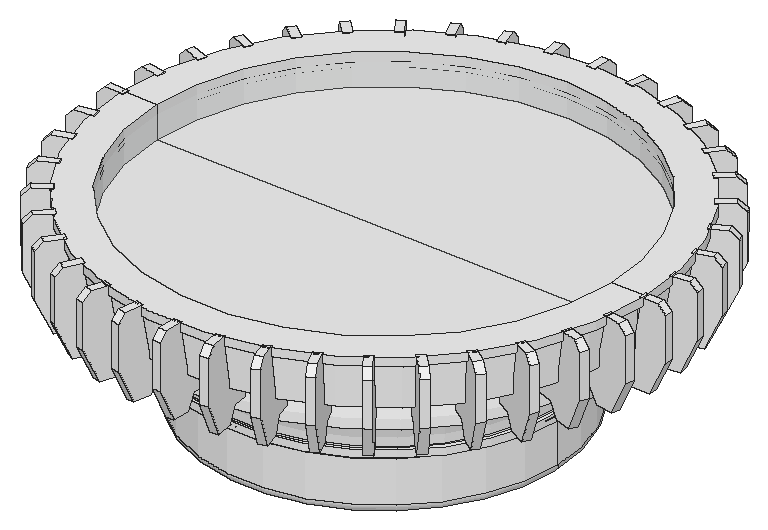
Revit family "HBLHA", category Lighting Fixtures, host Face, Revit 2014
Parameters
  Wattage Comments = "57 Watts, 24 LEDs"
  Wattage = 112 W
  Watt = 57 W
  Warranty = "5 Year Warranty"
  built-in parameter 1150110 = 1 (stored number, unit not read)
  Voltage = 120 V
  URL = "http://www.hubbellindustrial.com/"
  built-in parameter 1114217 = 1 (stored number, unit not read)
  Tilt Angle = -90.00°
  built-in parameter 1150109 = 1 (stored number, unit not read)
  built-in parameter 1150134 = 2
  built-in parameter 1150113 = 1 (stored number, unit not read)
  Product Page URL = "https://www.hubbell.com/hubbellindustriallighting/en/Products/Lighting-Controls/Industrial-Lighting/Surface/HBLHA/p/248883"
  Product Documentation Link = "https://hubbellcdn.com/specsheet/hil_hblha_spec.pdf"
  Power Factor = 1
  Photometric Web Link = "https://www.hubbell.com/hubbellindustriallighting/en/Products/Lighting-Controls/Industrial-Lighting/Surface/HBLHA/p/248883#prod-photometry-section"
  Photometric Web File = "HBL-48LU-5K-A-070.ies"
  Optics = "Narrow"
  Mounting Type = "Pendant, Stanchion, Ceiling, Wall, Cone"  # constant formula
  Model = "HBLHA"  # constant formula
  Material Finish = Paint - Hubbell - White Texture
  Manufacturer = "Hubbell Industrial Lighting"  # constant formula
  built-in parameter 1150105 = 811.05 (stored number, unit not read)
  Lumens = 10192 lm
  built-in parameter 1150115 = 1 (stored number, unit not read)
  Load Classification = Lighting
  built-in parameter 1150137 = (empty or 0)
  built-in parameter 1150139 = (empty or 0)
  built-in parameter 1150112 = 1 (stored number, unit not read)
  built-in parameter 1150114 = 1 (stored number, unit not read)
  Lamp = "LED"
  built-in parameter 1150132 = (empty or 0)
  built-in parameter 1150102 = (empty or 0)
  built-in parameter 1150107 = 5000 (stored number, unit not read)
  built-in parameter 1150138 = (empty or 0)
  built-in parameter 1150106 = 8.1105 (stored number, unit not read)
  IP Rating = "IP66"  # constant formula
  Glass = Hubbell - Glass
  Features = "High performance LED design delivering up to 100 Lumens per Watt\r\nSpecialized thermal management allows from -40˚C to 65˚C ambient temperature ratings\r\nLED count ranges from 72 to 60 to 48 and all three LED counts are driven at 700 mA\r\nThree distinct distributions: aisle, narrow and wide\r\n5 available mounting options: Pendant, Ceiling, Wall, Stanchion, Cone\r\n100,000 hours, long life at L70\r\nSealed optic for long life and durability\r\n5000°K Color Temperature\r\n< 70 CRI\r\nCSA tested to UL1598 Wet Location"  # constant formula
  Fastners = Paint - Hubbell - Light Silver
  Environmental Conditions = "Damp Location, Wet Location, Outdoor"  # constant formula
  Emit from Circle Diameter = 11.000"
  Emit Shape Visible in Rendering = no
  built-in parameter 1150104 = 8.4542 (stored number, unit not read)
  Dimming Protocol = "0-10V"
  Dimming Lamp Color Temperature Shift = <None>
  Description = "The HBLH Series Hazardous LED Flood Light is designed to efficiently light classified areas in heavy industrial settings."  # constant formula
  Default Elevation = 48.000"
  Contact us = "https://www.hubbell.com/hubbellindustriallighting/en/contactUs?productId=248882"
  Color Filter = 16777215
  Certification = "UL1598A,Damp Listed,UL Sanitation certified per NSF standards,Wet Listed,NEMA 3,Class I Division 2,CSA,IP66"  # constant formula
  built-in parameter 1114218 = 1 (stored number, unit not read)
  built-in parameter 1150133 = 10 (stored number, unit not read)
  Application = "Industrial, Warehouse, Refineries, Stell Mills, Chemical Plants"  # constant formula
  Apparent Load = Watt / Power Factor  # 57 VA
Reference planes (in)
  plane 1 "Center (Front/Back)": y = 0
  plane 2: z = 0
  plane 3 "Center (Left/Right)": x = 0
  plane 4: z = 8
  plane 5: x = -7
  plane 6: x = 7
  plane 7: y = 1
  plane 8: y = -1
  plane 9: x = -5.5
  plane 10: x = 5.5
  plane 11: z = 13
Dimensions and locks (in)
  plane 4 to plane 2 = 8.000"
  equal spacing: plane 7, plane 1 "Center (Front/Back)", plane 8
  locked: plane 7 to plane 8 at 2
  equal spacing: plane 6, plane 3 "Center (Left/Right)", plane 5, locked at 7 each
  plane 6 to plane 5 = 14.000"
  plane 10 to plane 9 = 11.000"
  aligned and locked: plane 2 to host face
  aligned and locked: level to host face
  aligned and locked: nested 1 to plane 3 "Center (Left/Right)"
  aligned and locked: nested 1 to plane 1 "Center (Front/Back)"
  aligned and locked: plane 3 "Center (Left/Right)" to imposter light
  aligned and locked: imposter light to plane 1 "Center (Front/Back)"
Automatic sketch dimensions
  host sketch curve to host sketch curve = 96.000"  (x2)
Nested families (in)
  nested 1: "KHL" at (0, 0, 7.25) x (-1, 0, 0) z (0, 0, 1), type "KHL"
Connectors (in)
  electrical at (0, 0, 7.25), driven by "Load Classification", driven by "Voltage", driven by "Apparent Load", driven by "Power Factor"
    settings: on nested 1, index 1, voltage 120 V, apparent load 57 VA, apparent load phase1 0 VA, apparent load phase2 0 VA, apparent load phase3 0 VA, power factor 1, load classification "Lighting", number of poles 1, system type 30, power factor state 1, is connector primary yes, connector utility no, sub classification motor no, connector description "Lighting Connector"
Definition of nested family "KHL"
  Parameters (values of type "KHL")
    Wattage Comments = ""
    URL = ""
    Model = ""
    Material Finish = Paint - Hubbell - White Texture
    Manufacturer = ""
    Lamp = ""
    IES FILE LINK = ""
    Glass = Hubbell - Glass
    Description = ""
    Default Elevation = 48.000"
    Apparent Load = 0 VA
  Reference planes (in)
    plane 1 "Center (Front/Back)": y = 0
    plane 2: z = 0
    plane 3 "Center (Left/Right)": x = 0
    plane 4: z = 6
    plane 5: x = -7.25
    plane 6: x = 7.25
    plane 7: x = -5.5
    plane 8: x = 5.5
    plane 9: x = -9
    plane 10: x = 9
    plane 11: y = -9
    plane 12: y = 9
    plane 13: x = -9
    plane 14: x = 9
    plane 15: through (-8.8892, 1.40791, -18.06561) normal (-0.9877, 0.1564, 0)
    plane 16: through (8.8892, -1.40791, -18.06561) normal (-0.9877, 0.1564, 0)
    plane 17: through (-8.55951, 2.78115, -18.06561) normal (-0.9511, 0.309, 0)
    plane 18: through (8.55951, -2.78115, -18.06561) normal (-0.9511, 0.309, 0)
    plane 19: through (-8.01906, 4.08591, -18.06561) normal (-0.891, 0.454, 0)
    plane 20: through (8.01906, -4.08591, -18.06561) normal (-0.891, 0.454, 0)
    plane 21: through (-7.28115, 5.29007, -18.06561) normal (-0.809, 0.5878, 0)
    plane 22: through (7.28115, -5.29007, -18.06561) normal (-0.809, 0.5878, 0)
    plane 23: through (-6.36396, 6.36396, -18.06561) normal (-0.7071, 0.7071, 0)
    plane 24: through (6.36396, -6.36396, -18.06561) normal (-0.7071, 0.7071, 0)
    plane 25: through (-5.29007, 7.28115, -18.06561) normal (-0.5878, 0.809, 0)
    plane 26: through (5.29007, -7.28115, -18.06561) normal (-0.5878, 0.809, 0)
    plane 27: through (-4.08591, 8.01906, -18.06561) normal (-0.454, 0.891, 0)
    plane 28: through (4.08591, -8.01906, -18.06561) normal (-0.454, 0.891, 0)
    plane 29: through (-2.78115, 8.55951, -18.06561) normal (-0.309, 0.9511, 0)
    plane 30: through (2.78115, -8.55951, -18.06561) normal (-0.309, 0.9511, 0)
    plane 31: through (-1.40791, 8.8892, -18.06561) normal (-0.1564, 0.9877, 0)
    plane 32: through (1.40791, -8.8892, -18.06561) normal (-0.1564, 0.9877, 0)
    plane 33: y = 9
    plane 34: y = -9
    plane 35: through (1.40791, 8.8892, -18.06561) normal (0.1564, 0.9877, 0)
    plane 36: through (-1.40791, -8.8892, -18.06561) normal (0.1564, 0.9877, 0)
    plane 37: through (2.78115, 8.55951, -18.06561) normal (0.309, 0.9511, 0)
    plane 38: through (-2.78115, -8.55951, -18.06561) normal (0.309, 0.9511, 0)
    plane 39: through (4.08591, 8.01906, -18.06561) normal (0.454, 0.891, 0)
    plane 40: through (-4.08591, -8.01906, -18.06561) normal (0.454, 0.891, 0)
    plane 41: through (5.29007, 7.28115, -18.06561) normal (0.5878, 0.809, 0)
    plane 42: through (-5.29007, -7.28115, -18.06561) normal (0.5878, 0.809, 0)
    plane 43: through (6.36396, 6.36396, -18.06561) normal (0.7071, 0.7071, 0)
    plane 44: through (-6.36396, -6.36396, -18.06561) normal (0.7071, 0.7071, 0)
    plane 45: through (7.28115, 5.29007, -18.06561) normal (0.809, 0.5878, 0)
    plane 46: through (-7.28115, -5.29007, -18.06561) normal (0.809, 0.5878, 0)
    plane 47: through (8.01906, 4.08591, -18.06561) normal (0.891, 0.454, 0)
    plane 48: through (-8.01906, -4.08591, -18.06561) normal (0.891, 0.454, 0)
    plane 49: through (8.55951, 2.78115, -18.06561) normal (0.9511, 0.309, 0)
    plane 50: through (-8.55951, -2.78115, -18.06561) normal (0.9511, 0.309, 0)
    plane 51: through (8.8892, 1.40791, -18.06561) normal (0.9877, 0.1564, 0)
    plane 52: through (-8.8892, -1.40791, -18.06561) normal (0.9877, 0.1564, 0)
    plane 53: x = 9
    plane 54: x = -9
    plane 55: through (8.8892, -1.40791, -18.06561) normal (0.9877, -0.1564, 0)
    plane 56: through (-8.8892, 1.40791, -18.06561) normal (0.9877, -0.1564, 0)
    plane 57: through (8.55951, -2.78115, -18.06561) normal (0.9511, -0.309, 0)
    plane 58: through (-8.55951, 2.78115, -18.06561) normal (0.9511, -0.309, 0)
    plane 59: through (8.01906, -4.08591, -18.06561) normal (0.891, -0.454, 0)
    plane 60: through (-8.01906, 4.08591, -18.06561) normal (0.891, -0.454, 0)
    plane 61: through (7.28115, -5.29007, -18.06561) normal (0.809, -0.5878, 0)
    plane 62: through (-7.28115, 5.29007, -18.06561) normal (0.809, -0.5878, 0)
    plane 63: through (6.36396, -6.36396, -18.06561) normal (0.7071, -0.7071, 0)
    plane 64: through (-6.36396, 6.36396, -18.06561) normal (0.7071, -0.7071, 0)
    plane 65: through (5.29007, -7.28115, -18.06561) normal (0.5878, -0.809, 0)
    plane 66: through (-5.29007, 7.28115, -18.06561) normal (0.5878, -0.809, 0)
    plane 67: through (4.08591, -8.01906, -18.06561) normal (0.454, -0.891, 0)
    plane 68: through (-4.08591, 8.01906, -18.06561) normal (0.454, -0.891, 0)
    plane 69: through (2.78115, -8.55951, -18.06561) normal (0.309, -0.9511, 0)
    plane 70: through (-2.78115, 8.55951, -18.06561) normal (0.309, -0.9511, 0)
    plane 71: through (1.40791, -8.8892, -18.06561) normal (0.1564, -0.9877, 0)
    plane 72: through (-1.40791, 8.8892, -18.06561) normal (0.1564, -0.9877, 0)
    plane 73: through (-1.40791, -8.8892, -18.06561) normal (-0.1564, -0.9877, 0)
    plane 74: through (1.40791, 8.8892, -18.06561) normal (-0.1564, -0.9877, 0)
    plane 75: through (-2.78115, -8.55951, -18.06561) normal (-0.309, -0.9511, 0)
    plane 76: through (2.78115, 8.55951, -18.06561) normal (-0.309, -0.9511, 0)
    plane 77: through (-4.08591, -8.01906, -18.06561) normal (-0.454, -0.891, 0)
    plane 78: through (4.08591, 8.01906, -18.06561) normal (-0.454, -0.891, 0)
    plane 79: through (-5.29007, -7.28115, -18.06561) normal (-0.5878, -0.809, 0)
    plane 80: through (5.29007, 7.28115, -18.06561) normal (-0.5878, -0.809, 0)
    plane 81: through (-6.36396, -6.36396, -18.06561) normal (-0.7071, -0.7071, 0)
    plane 82: through (6.36396, 6.36396, -18.06561) normal (-0.7071, -0.7071, 0)
    plane 83: through (-7.28115, -5.29007, -18.06561) normal (-0.809, -0.5878, 0)
    plane 84: through (7.28115, 5.29007, -18.06561) normal (-0.809, -0.5878, 0)
    plane 85: through (-8.01906, -4.08591, -18.06561) normal (-0.891, -0.454, 0)
    plane 86: through (8.01906, 4.08591, -18.06561) normal (-0.891, -0.454, 0)
    plane 87: through (-8.55951, -2.78115, -18.06561) normal (-0.9511, -0.309, 0)
    plane 88: through (8.55951, 2.78115, -18.06561) normal (-0.9511, -0.309, 0)
    plane 89: through (-8.8892, -1.40791, -18.06561) normal (-0.9877, -0.1564, 0)
    plane 90: through (8.8892, 1.40791, -18.06561) normal (-0.9877, -0.1564, 0)
  Forms (in)
    Extrusion 1, solid
      sketch origin (0, 0, 0) x (1, 0, 0) y (0, 1, 0)
        loop
          line (-48, 48) -> (-48, -48) -> (48, -48) -> (48, 48) -> (-48, 48)
      from 0 to -12
    Revolve 2, solid, material "Paint - Hubbell - White Texture" <- "Material Finish"
      sketch origin (0, 0, 0) x (1, 0, 0) y (0, 0, 1)
        loop
          line (5.5, 0.25) -> (5.5, 1.56868)
          arc (5.5, 1.56868) -> (5.55311, 1.69689) -> (5.68132, 1.75) r 0.18132
          line (5.68132, 1.75) -> (5.79677, 1.75) -> (5.79677, 1.97746) -> (5.6875, 1.97746) -> (5.6875, 2.0276)
          arc (5.6875, 2.0276) -> (6.08214, 2.98036) -> (7.0349, 3.375) r 1.3474
          line (7.0349, 3.375) -> (7.23385, 3.375)
          arc (7.23385, 3.375) -> (7.12959, 3.90778) -> (6.83219, 4.36196) r 1.4134
          line (6.83219, 4.36196) -> (6.83219, 4.43504) -> (8.03125, 4.43504) -> (8.03125, 5.74507) -> (8.28125, 5.74507) -> (8.28125, 6) -> (7.20302, 6) -> (7.20302, 5) -> (0, 5) -> (0, 0) -> (5.25, 0)
          arc (5.25, 0) -> (5.42678, 0.07322) -> (5.5, 0.25) r 0.25
        axis (0, 6) -> (0, 0)
      angle from 0 to 360
    Extrusion 3, solid, material "Hubbell - Glass" <- "Glass"
      sketch origin (0, 0, 0) x (1, 0, 0) y (0, 1, 0)
        loop
          circle (0, 0) r 7.20302
      from 5.71977 to 5.56262
    Extrusion 4, solid, material "Paint - Hubbell - White Texture" <- "Material Finish"
      sketch origin (1.75, 0, 0) x (1, 0, 0) y (0, 0, 1)
        loop
          line (6.42821, 6) -> (6.42821, 5.59247) -> (6.23107, 4.59805) -> (5.43029, 4.59805) -> (5.43029, 3.78903) -> (5.9375, 3.78903) -> (6.1875, 3.35602) -> (6.75, 3.35602) -> (7.25, 4.38117) -> (7.25, 5.75) -> (7, 6) -> (6.42821, 6)
      from 0.125 to -0.125
    Extrusion 5, solid, material "Paint - Hubbell - White Texture" <- "Material Finish"
      sketch origin (1.72845, -0.27376, 0) x (0.987688, -0.156434, 0) y (0, 0, 1)
        loop
          line (6.42821, 6) -> (6.42821, 5.59247) -> (6.23107, 4.59805) -> (5.43029, 4.59805) -> (5.43029, 3.78903) -> (5.9375, 3.78903) -> (6.1875, 3.35602) -> (6.75, 3.35602) -> (7.25, 4.38117) -> (7.25, 5.75) -> (7, 6) -> (6.42821, 6)
      from 0.125 to -0.125
    Extrusion 6, solid, material "Paint - Hubbell - White Texture" <- "Material Finish"
      sketch origin (1.66435, -0.54078, 0) x (0.951057, -0.309017, 0) y (0, 0, 1)
        loop
          line (6.42821, 6) -> (6.42821, 5.59247) -> (6.23107, 4.59805) -> (5.43029, 4.59805) -> (5.43029, 3.78903) -> (5.9375, 3.78903) -> (6.1875, 3.35602) -> (6.75, 3.35602) -> (7.25, 4.38117) -> (7.25, 5.75) -> (7, 6) -> (6.42821, 6)
      from 0.125 to -0.125
    Extrusion 7, solid, material "Paint - Hubbell - White Texture" <- "Material Finish"
      sketch origin (1.55926, -0.79448, 0) x (0.891007, -0.45399, 0) y (0, 0, 1)
        loop
          line (6.42821, 6) -> (6.42821, 5.59247) -> (6.23107, 4.59805) -> (5.43029, 4.59805) -> (5.43029, 3.78903) -> (5.9375, 3.78903) -> (6.1875, 3.35602) -> (6.75, 3.35602) -> (7.25, 4.38117) -> (7.25, 5.75) -> (7, 6) -> (6.42821, 6)
      from 0.125 to -0.125
    Extrusion 8, solid, material "Paint - Hubbell - White Texture" <- "Material Finish"
      sketch origin (1.41578, -1.02862, 0) x (0.809017, -0.587785, 0) y (0, 0, 1)
        loop
          line (6.42821, 6) -> (6.42821, 5.59247) -> (6.23107, 4.59805) -> (5.43029, 4.59805) -> (5.43029, 3.78903) -> (5.9375, 3.78903) -> (6.1875, 3.35602) -> (6.75, 3.35602) -> (7.25, 4.38117) -> (7.25, 5.75) -> (7, 6) -> (6.42821, 6)
      from 0.125 to -0.125
    Extrusion 9, solid, material "Paint - Hubbell - White Texture" <- "Material Finish"
      sketch origin (1.23744, -1.23744, 0) x (0.707107, -0.707107, 0) y (0, 0, 1)
        loop
          line (6.42821, 6) -> (6.42821, 5.59247) -> (6.23107, 4.59805) -> (5.43029, 4.59805) -> (5.43029, 3.78903) -> (5.9375, 3.78903) -> (6.1875, 3.35602) -> (6.75, 3.35602) -> (7.25, 4.38117) -> (7.25, 5.75) -> (7, 6) -> (6.42821, 6)
      from 0.125 to -0.125
    Extrusion 10, solid, material "Paint - Hubbell - White Texture" <- "Material Finish"
      sketch origin (1.02862, -1.41578, 0) x (0.587785, -0.809017, 0) y (0, 0, 1)
        loop
          line (6.42821, 6) -> (6.42821, 5.59247) -> (6.23107, 4.59805) -> (5.43029, 4.59805) -> (5.43029, 3.78903) -> (5.9375, 3.78903) -> (6.1875, 3.35602) -> (6.75, 3.35602) -> (7.25, 4.38117) -> (7.25, 5.75) -> (7, 6) -> (6.42821, 6)
      from 0.125 to -0.125
    Extrusion 11, solid, material "Paint - Hubbell - White Texture" <- "Material Finish"
      sketch origin (0.79448, -1.55926, 0) x (0.45399, -0.891007, 0) y (0, 0, 1)
        loop
          line (6.42821, 6) -> (6.42821, 5.59247) -> (6.23107, 4.59805) -> (5.43029, 4.59805) -> (5.43029, 3.78903) -> (5.9375, 3.78903) -> (6.1875, 3.35602) -> (6.75, 3.35602) -> (7.25, 4.38117) -> (7.25, 5.75) -> (7, 6) -> (6.42821, 6)
      from 0.125 to -0.125
    Extrusion 12, solid, material "Paint - Hubbell - White Texture" <- "Material Finish"
      sketch origin (0.54078, -1.66435, 0) x (0.309017, -0.951057, 0) y (0, 0, 1)
        loop
          line (6.42821, 6) -> (6.42821, 5.59247) -> (6.23107, 4.59805) -> (5.43029, 4.59805) -> (5.43029, 3.78903) -> (5.9375, 3.78903) -> (6.1875, 3.35602) -> (6.75, 3.35602) -> (7.25, 4.38117) -> (7.25, 5.75) -> (7, 6) -> (6.42821, 6)
      from 0.125 to -0.125
    Extrusion 13, solid, material "Paint - Hubbell - White Texture" <- "Material Finish"
      sketch origin (0.27376, -1.72845, 0) x (0.156434, -0.987688, 0) y (0, 0, 1)
        loop
          line (6.42821, 6) -> (6.42821, 5.59247) -> (6.23107, 4.59805) -> (5.43029, 4.59805) -> (5.43029, 3.78903) -> (5.9375, 3.78903) -> (6.1875, 3.35602) -> (6.75, 3.35602) -> (7.25, 4.38117) -> (7.25, 5.75) -> (7, 6) -> (6.42821, 6)
      from 0.125 to -0.125
    Extrusion 14, solid, material "Paint - Hubbell - White Texture" <- "Material Finish"
      sketch origin (0, -1.75, 0) x (0, -1, 0) y (0, 0, 1)
        loop
          line (6.42821, 6) -> (6.42821, 5.59247) -> (6.23107, 4.59805) -> (5.43029, 4.59805) -> (5.43029, 3.78903) -> (5.9375, 3.78903) -> (6.1875, 3.35602) -> (6.75, 3.35602) -> (7.25, 4.38117) -> (7.25, 5.75) -> (7, 6) -> (6.42821, 6)
      from 0.125 to -0.125
    Extrusion 15, solid, material "Paint - Hubbell - White Texture" <- "Material Finish"
      sketch origin (-0.27376, -1.72845, 0) x (-0.156434, -0.987688, 0) y (0, 0, 1)
        loop
          line (6.42821, 6) -> (6.42821, 5.59247) -> (6.23107, 4.59805) -> (5.43029, 4.59805) -> (5.43029, 3.78903) -> (5.9375, 3.78903) -> (6.1875, 3.35602) -> (6.75, 3.35602) -> (7.25, 4.38117) -> (7.25, 5.75) -> (7, 6) -> (6.42821, 6)
      from 0.125 to -0.125
    Extrusion 16, solid, material "Paint - Hubbell - White Texture" <- "Material Finish"
      sketch origin (-0.54078, -1.66435, 0) x (-0.309017, -0.951057, 0) y (0, 0, 1)
        loop
          line (6.42821, 6) -> (6.42821, 5.59247) -> (6.23107, 4.59805) -> (5.43029, 4.59805) -> (5.43029, 3.78903) -> (5.9375, 3.78903) -> (6.1875, 3.35602) -> (6.75, 3.35602) -> (7.25, 4.38117) -> (7.25, 5.75) -> (7, 6) -> (6.42821, 6)
      from 0.125 to -0.125
    Extrusion 17, solid, material "Paint - Hubbell - White Texture" <- "Material Finish"
      sketch origin (-0.79448, -1.55926, 0) x (-0.45399, -0.891007, 0) y (0, 0, 1)
        loop
          line (6.42821, 6) -> (6.42821, 5.59247) -> (6.23107, 4.59805) -> (5.43029, 4.59805) -> (5.43029, 3.78903) -> (5.9375, 3.78903) -> (6.1875, 3.35602) -> (6.75, 3.35602) -> (7.25, 4.38117) -> (7.25, 5.75) -> (7, 6) -> (6.42821, 6)
      from 0.125 to -0.125
    Extrusion 18, solid, material "Paint - Hubbell - White Texture" <- "Material Finish"
      sketch origin (-1.02862, -1.41578, 0) x (-0.587785, -0.809017, 0) y (0, 0, 1)
        loop
          line (6.42821, 6) -> (6.42821, 5.59247) -> (6.23107, 4.59805) -> (5.43029, 4.59805) -> (5.43029, 3.78903) -> (5.9375, 3.78903) -> (6.1875, 3.35602) -> (6.75, 3.35602) -> (7.25, 4.38117) -> (7.25, 5.75) -> (7, 6) -> (6.42821, 6)
      from 0.125 to -0.125
    Extrusion 19, solid, material "Paint - Hubbell - White Texture" <- "Material Finish"
      sketch origin (-1.23744, -1.23744, 0) x (-0.707107, -0.707107, 0) y (0, 0, 1)
        loop
          line (6.42821, 6) -> (6.42821, 5.59247) -> (6.23107, 4.59805) -> (5.43029, 4.59805) -> (5.43029, 3.78903) -> (5.9375, 3.78903) -> (6.1875, 3.35602) -> (6.75, 3.35602) -> (7.25, 4.38117) -> (7.25, 5.75) -> (7, 6) -> (6.42821, 6)
      from 0.125 to -0.125
    Extrusion 20, solid, material "Paint - Hubbell - White Texture" <- "Material Finish"
      sketch origin (-1.41578, -1.02862, 0) x (-0.809017, -0.587785, 0) y (0, 0, 1)
        loop
          line (6.42821, 6) -> (6.42821, 5.59247) -> (6.23107, 4.59805) -> (5.43029, 4.59805) -> (5.43029, 3.78903) -> (5.9375, 3.78903) -> (6.1875, 3.35602) -> (6.75, 3.35602) -> (7.25, 4.38117) -> (7.25, 5.75) -> (7, 6) -> (6.42821, 6)
      from 0.125 to -0.125
    Extrusion 21, solid, material "Paint - Hubbell - White Texture" <- "Material Finish"
      sketch origin (-1.55926, -0.79448, 0) x (-0.891007, -0.45399, 0) y (0, 0, 1)
        loop
          line (6.42821, 6) -> (6.42821, 5.59247) -> (6.23107, 4.59805) -> (5.43029, 4.59805) -> (5.43029, 3.78903) -> (5.9375, 3.78903) -> (6.1875, 3.35602) -> (6.75, 3.35602) -> (7.25, 4.38117) -> (7.25, 5.75) -> (7, 6) -> (6.42821, 6)
      from 0.125 to -0.125
    Extrusion 22, solid, material "Paint - Hubbell - White Texture" <- "Material Finish"
      sketch origin (-1.66435, -0.54078, 0) x (-0.951057, -0.309017, 0) y (0, 0, 1)
        loop
          line (6.42821, 6) -> (6.42821, 5.59247) -> (6.23107, 4.59805) -> (5.43029, 4.59805) -> (5.43029, 3.78903) -> (5.9375, 3.78903) -> (6.1875, 3.35602) -> (6.75, 3.35602) -> (7.25, 4.38117) -> (7.25, 5.75) -> (7, 6) -> (6.42821, 6)
      from 0.125 to -0.125
    Extrusion 23, solid, material "Paint - Hubbell - White Texture" <- "Material Finish"
      sketch origin (-1.72845, -0.27376, 0) x (-0.987688, -0.156434, 0) y (0, 0, 1)
        loop
          line (6.42821, 6) -> (6.42821, 5.59247) -> (6.23107, 4.59805) -> (5.43029, 4.59805) -> (5.43029, 3.78903) -> (5.9375, 3.78903) -> (6.1875, 3.35602) -> (6.75, 3.35602) -> (7.25, 4.38117) -> (7.25, 5.75) -> (7, 6) -> (6.42821, 6)
      from 0.125 to -0.125
    Extrusion 24, solid, material "Paint - Hubbell - White Texture" <- "Material Finish"
      sketch origin (-1.75, 0, 0) x (-1, 0, 0) y (0, 0, 1)
        loop
          line (6.42821, 6) -> (6.42821, 5.59247) -> (6.23107, 4.59805) -> (5.43029, 4.59805) -> (5.43029, 3.78903) -> (5.9375, 3.78903) -> (6.1875, 3.35602) -> (6.75, 3.35602) -> (7.25, 4.38117) -> (7.25, 5.75) -> (7, 6) -> (6.42821, 6)
      from 0.125 to -0.125
    Extrusion 25, solid, material "Paint - Hubbell - White Texture" <- "Material Finish"
      sketch origin (-1.72845, 0.27376, 0) x (-0.987688, 0.156434, 0) y (0, 0, 1)
        loop
          line (6.42821, 6) -> (6.42821, 5.59247) -> (6.23107, 4.59805) -> (5.43029, 4.59805) -> (5.43029, 3.78903) -> (5.9375, 3.78903) -> (6.1875, 3.35602) -> (6.75, 3.35602) -> (7.25, 4.38117) -> (7.25, 5.75) -> (7, 6) -> (6.42821, 6)
      from 0.125 to -0.125
    Extrusion 26, solid, material "Paint - Hubbell - White Texture" <- "Material Finish"
      sketch origin (-1.66435, 0.54078, 0) x (-0.951057, 0.309017, 0) y (0, 0, 1)
        loop
          line (6.42821, 6) -> (6.42821, 5.59247) -> (6.23107, 4.59805) -> (5.43029, 4.59805) -> (5.43029, 3.78903) -> (5.9375, 3.78903) -> (6.1875, 3.35602) -> (6.75, 3.35602) -> (7.25, 4.38117) -> (7.25, 5.75) -> (7, 6) -> (6.42821, 6)
      from 0.125 to -0.125
    Extrusion 27, solid, material "Paint - Hubbell - White Texture" <- "Material Finish"
      sketch origin (-1.55926, 0.79448, 0) x (-0.891007, 0.45399, 0) y (0, 0, 1)
        loop
          line (6.42821, 6) -> (6.42821, 5.59247) -> (6.23107, 4.59805) -> (5.43029, 4.59805) -> (5.43029, 3.78903) -> (5.9375, 3.78903) -> (6.1875, 3.35602) -> (6.75, 3.35602) -> (7.25, 4.38117) -> (7.25, 5.75) -> (7, 6) -> (6.42821, 6)
      from 0.125 to -0.125
    Extrusion 28, solid, material "Paint - Hubbell - White Texture" <- "Material Finish"
      sketch origin (-1.41578, 1.02862, 0) x (-0.809017, 0.587785, 0) y (0, 0, 1)
        loop
          line (6.42821, 6) -> (6.42821, 5.59247) -> (6.23107, 4.59805) -> (5.43029, 4.59805) -> (5.43029, 3.78903) -> (5.9375, 3.78903) -> (6.1875, 3.35602) -> (6.75, 3.35602) -> (7.25, 4.38117) -> (7.25, 5.75) -> (7, 6) -> (6.42821, 6)
      from 0.125 to -0.125
    Extrusion 29, solid, material "Paint - Hubbell - White Texture" <- "Material Finish"
      sketch origin (-1.23744, 1.23744, 0) x (-0.707107, 0.707107, 0) y (0, 0, 1)
        loop
          line (6.42821, 6) -> (6.42821, 5.59247) -> (6.23107, 4.59805) -> (5.43029, 4.59805) -> (5.43029, 3.78903) -> (5.9375, 3.78903) -> (6.1875, 3.35602) -> (6.75, 3.35602) -> (7.25, 4.38117) -> (7.25, 5.75) -> (7, 6) -> (6.42821, 6)
      from 0.125 to -0.125
    Extrusion 30, solid, material "Paint - Hubbell - White Texture" <- "Material Finish"
      sketch origin (-1.02862, 1.41578, 0) x (-0.587785, 0.809017, 0) y (0, 0, 1)
        loop
          line (6.42821, 6) -> (6.42821, 5.59247) -> (6.23107, 4.59805) -> (5.43029, 4.59805) -> (5.43029, 3.78903) -> (5.9375, 3.78903) -> (6.1875, 3.35602) -> (6.75, 3.35602) -> (7.25, 4.38117) -> (7.25, 5.75) -> (7, 6) -> (6.42821, 6)
      from 0.125 to -0.125
    Extrusion 31, solid, material "Paint - Hubbell - White Texture" <- "Material Finish"
      sketch origin (-0.79448, 1.55926, 0) x (-0.45399, 0.891007, 0) y (0, 0, 1)
        loop
          line (6.42821, 6) -> (6.42821, 5.59247) -> (6.23107, 4.59805) -> (5.43029, 4.59805) -> (5.43029, 3.78903) -> (5.9375, 3.78903) -> (6.1875, 3.35602) -> (6.75, 3.35602) -> (7.25, 4.38117) -> (7.25, 5.75) -> (7, 6) -> (6.42821, 6)
      from 0.125 to -0.125
    Extrusion 32, solid, material "Paint - Hubbell - White Texture" <- "Material Finish"
      sketch origin (-0.54078, 1.66435, 0) x (-0.309017, 0.951057, 0) y (0, 0, 1)
        loop
          line (6.42821, 6) -> (6.42821, 5.59247) -> (6.23107, 4.59805) -> (5.43029, 4.59805) -> (5.43029, 3.78903) -> (5.9375, 3.78903) -> (6.1875, 3.35602) -> (6.75, 3.35602) -> (7.25, 4.38117) -> (7.25, 5.75) -> (7, 6) -> (6.42821, 6)
      from 0.125 to -0.125
    Extrusion 33, solid, material "Paint - Hubbell - White Texture" <- "Material Finish"
      sketch origin (-0.27376, 1.72845, 0) x (-0.156434, 0.987688, 0) y (0, 0, 1)
        loop
          line (6.42821, 6) -> (6.42821, 5.59247) -> (6.23107, 4.59805) -> (5.43029, 4.59805) -> (5.43029, 3.78903) -> (5.9375, 3.78903) -> (6.1875, 3.35602) -> (6.75, 3.35602) -> (7.25, 4.38117) -> (7.25, 5.75) -> (7, 6) -> (6.42821, 6)
      from 0.125 to -0.125
    Extrusion 34, solid, material "Paint - Hubbell - White Texture" <- "Material Finish"
      sketch origin (0, 1.75, 0) x (0, 1, 0) y (0, 0, 1)
        loop
          line (6.42821, 6) -> (6.42821, 5.59247) -> (6.23107, 4.59805) -> (5.43029, 4.59805) -> (5.43029, 3.78903) -> (5.9375, 3.78903) -> (6.1875, 3.35602) -> (6.75, 3.35602) -> (7.25, 4.38117) -> (7.25, 5.75) -> (7, 6) -> (6.42821, 6)
      from 0.125 to -0.125
    Extrusion 35, solid, material "Paint - Hubbell - White Texture" <- "Material Finish"
      sketch origin (0.27376, 1.72845, 0) x (0.156434, 0.987688, 0) y (0, 0, 1)
        loop
          line (6.42821, 6) -> (6.42821, 5.59247) -> (6.23107, 4.59805) -> (5.43029, 4.59805) -> (5.43029, 3.78903) -> (5.9375, 3.78903) -> (6.1875, 3.35602) -> (6.75, 3.35602) -> (7.25, 4.38117) -> (7.25, 5.75) -> (7, 6) -> (6.42821, 6)
      from 0.125 to -0.125
    Extrusion 36, solid, material "Paint - Hubbell - White Texture" <- "Material Finish"
      sketch origin (0.54078, 1.66435, 0) x (0.309017, 0.951057, 0) y (0, 0, 1)
        loop
          line (6.42821, 6) -> (6.42821, 5.59247) -> (6.23107, 4.59805) -> (5.43029, 4.59805) -> (5.43029, 3.78903) -> (5.9375, 3.78903) -> (6.1875, 3.35602) -> (6.75, 3.35602) -> (7.25, 4.38117) -> (7.25, 5.75) -> (7, 6) -> (6.42821, 6)
      from 0.125 to -0.125
    Extrusion 37, solid, material "Paint - Hubbell - White Texture" <- "Material Finish"
      sketch origin (0.79448, 1.55926, 0) x (0.45399, 0.891007, 0) y (0, 0, 1)
        loop
          line (6.42821, 6) -> (6.42821, 5.59247) -> (6.23107, 4.59805) -> (5.43029, 4.59805) -> (5.43029, 3.78903) -> (5.9375, 3.78903) -> (6.1875, 3.35602) -> (6.75, 3.35602) -> (7.25, 4.38117) -> (7.25, 5.75) -> (7, 6) -> (6.42821, 6)
      from 0.125 to -0.125
    Extrusion 38, solid, material "Paint - Hubbell - White Texture" <- "Material Finish"
      sketch origin (1.02862, 1.41578, 0) x (0.587785, 0.809017, 0) y (0, 0, 1)
        loop
          line (6.42821, 6) -> (6.42821, 5.59247) -> (6.23107, 4.59805) -> (5.43029, 4.59805) -> (5.43029, 3.78903) -> (5.9375, 3.78903) -> (6.1875, 3.35602) -> (6.75, 3.35602) -> (7.25, 4.38117) -> (7.25, 5.75) -> (7, 6) -> (6.42821, 6)
      from 0.125 to -0.125
    Extrusion 39, solid, material "Paint - Hubbell - White Texture" <- "Material Finish"
      sketch origin (1.23744, 1.23744, 0) x (0.707107, 0.707107, 0) y (0, 0, 1)
        loop
          line (6.42821, 6) -> (6.42821, 5.59247) -> (6.23107, 4.59805) -> (5.43029, 4.59805) -> (5.43029, 3.78903) -> (5.9375, 3.78903) -> (6.1875, 3.35602) -> (6.75, 3.35602) -> (7.25, 4.38117) -> (7.25, 5.75) -> (7, 6) -> (6.42821, 6)
      from 0.125 to -0.125
    Extrusion 40, solid, material "Paint - Hubbell - White Texture" <- "Material Finish"
      sketch origin (1.41578, 1.02862, 0) x (0.809017, 0.587785, 0) y (0, 0, 1)
        loop
          line (6.42821, 6) -> (6.42821, 5.59247) -> (6.23107, 4.59805) -> (5.43029, 4.59805) -> (5.43029, 3.78903) -> (5.9375, 3.78903) -> (6.1875, 3.35602) -> (6.75, 3.35602) -> (7.25, 4.38117) -> (7.25, 5.75) -> (7, 6) -> (6.42821, 6)
      from 0.125 to -0.125
    Extrusion 41, solid, material "Paint - Hubbell - White Texture" <- "Material Finish"
      sketch origin (1.55926, 0.79448, 0) x (0.891007, 0.45399, 0) y (0, 0, 1)
        loop
          line (6.42821, 6) -> (6.42821, 5.59247) -> (6.23107, 4.59805) -> (5.43029, 4.59805) -> (5.43029, 3.78903) -> (5.9375, 3.78903) -> (6.1875, 3.35602) -> (6.75, 3.35602) -> (7.25, 4.38117) -> (7.25, 5.75) -> (7, 6) -> (6.42821, 6)
      from 0.125 to -0.125
    Extrusion 42, solid, material "Paint - Hubbell - White Texture" <- "Material Finish"
      sketch origin (1.66435, 0.54078, 0) x (0.951057, 0.309017, 0) y (0, 0, 1)
        loop
          line (6.42821, 6) -> (6.42821, 5.59247) -> (6.23107, 4.59805) -> (5.43029, 4.59805) -> (5.43029, 3.78903) -> (5.9375, 3.78903) -> (6.1875, 3.35602) -> (6.75, 3.35602) -> (7.25, 4.38117) -> (7.25, 5.75) -> (7, 6) -> (6.42821, 6)
      from 0.125 to -0.125
    Extrusion 43, solid, material "Paint - Hubbell - White Texture" <- "Material Finish"
      sketch origin (1.72845, 0.27376, 0) x (0.987688, 0.156434, 0) y (0, 0, 1)
        loop
          line (6.42821, 6) -> (6.42821, 5.59247) -> (6.23107, 4.59805) -> (5.43029, 4.59805) -> (5.43029, 3.78903) -> (5.9375, 3.78903) -> (6.1875, 3.35602) -> (6.75, 3.35602) -> (7.25, 4.38117) -> (7.25, 5.75) -> (7, 6) -> (6.42821, 6)
      from 0.125 to -0.125
  Lines and regions (in)
    reference lines
      curve 1: line (5.95302, 0, 4.75) -> (0, 0, 4.75)
      curve 2: line (5.95302, 0, 5.92266) -> (5.95302, 0, 4.75)
      curve 3: line (6.59375, 0, 5.37007) -> (6.59375, 0, 5.92266)
      curve 4: line (6.34375, 0, 5.37007) -> (6.59375, 0, 5.37007)
      curve 5: line (6.34375, 0, 4.37254) -> (5.5, 0, 4.37254)
      curve 6: line (6.34375, 0, 4.37254) -> (6.34375, 0, 5.37007)
      curve 7: arc (6.25, 0, 2.75) -> (6.14885, 0, 3.28681) -> (5.85927, 0, 3.75) r 1.47501
      curve 8: line (5.85927, 0, 2.75) -> (6.25, 0, 2.75)
      curve 9: line (5.85927, 0, 2.75) -> (5.85927, 0, 1.75)
      curve 10: line (5.85927, 0, 1.75) -> (4.74529, 0, 1.75)
      curve 11: line (5.85927, 0, 3.75) -> (4.8978, 0, 3.75)
      curve 12: line (5.10824, 0, 5.71977) -> (6.99125, 0, 5.71977)
  Dimensions and locks (in)
    locked: plane 4 to plane 2 at 6
    equal spacing: plane 6, plane 3 "Center (Left/Right)", plane 5
    equal spacing: plane 8, plane 3 "Center (Left/Right)", plane 7, locked at 5.5 each
    plane 4 to plane 2 = 6.000"
    aligned and locked: plane 2 to Extrusion 1
    aligned and locked: level to Extrusion 1
    aligned and locked: Revolve 2 sketch curve to plane 2
    aligned and locked: Extrusion 3 sketch curve to Revolve 2
    aligned and locked: curve 10 to Revolve 2 sketch curve
  Automatic sketch dimensions
    Extrusion 1 sketch curve to Extrusion 1 sketch curve = 96.000"  (x2)
    curve 1 to plane 3 "Center (Left/Right)" = 0.000"
    plane 8 to curve 5 = 0.000"
    plane 8 to curve 10 = 0.75471"
    plane 8 to curve 7 = 0.72501"
    plane 8 to curve 11 = 0.6022"
    plane 8 to curve 12 = 0.39176"
    curve 11 to plane 8 = 0.35927"
    curve 8 to plane 8 = 0.35927"
    curve 2 to plane 4 = 0.07734"
    curve 2 to plane 8 = 0.45302"
    curve 8 to curve 8 = 0.39073"
    curve 1 to curve 6 = 0.39073"
    curve 4 to curve 4 = 0.250"
    plane 6 to curve 12 = 0.25875"
    curve 12 to plane 4 = 0.28023"
    curve 6 to plane 4 = 0.62993"
    curve 2 to curve 4 = 0.62007"
    curve 5 to curve 1 = 0.37746"
    curve 11 to curve 5 = 0.62254"
    curve 9 to curve 8 = 1.000"
    curve 3 to plane 4 = 0.07734"
    Extrusion 4 sketch curve to Extrusion 4 sketch curve = 0.50721"
    Extrusion 4 sketch curve to Extrusion 4 sketch curve = 0.250"  (x3)
    Extrusion 4 sketch curve to Extrusion 4 sketch curve = 0.80078"
    Extrusion 4 sketch curve to Extrusion 4 sketch curve = 0.19714"
    Extrusion 4 sketch curve to Extrusion 4 sketch curve = 0.5625"
    Extrusion 4 sketch curve to Extrusion 4 sketch curve = 0.57179"
    Extrusion 4 sketch curve to Extrusion 4 sketch curve = 0.43301"
    Extrusion 4 sketch curve to Extrusion 4 sketch curve = 1.02515"
    Extrusion 4 sketch curve to Extrusion 4 sketch curve = 0.80901"
    Extrusion 4 sketch curve to Extrusion 4 sketch curve = 0.99442"
    Extrusion 4 sketch curve to Extrusion 4 sketch curve = 0.15753"
    Extrusion 5 sketch curve to Extrusion 5 sketch curve = 0.50721"
    Extrusion 5 sketch curve to Extrusion 5 sketch curve = 0.250"  (x3)
    Extrusion 5 sketch curve to Extrusion 5 sketch curve = 0.80078"
    Extrusion 5 sketch curve to Extrusion 5 sketch curve = 0.19714"
    Extrusion 5 sketch curve to Extrusion 5 sketch curve = 0.5625"
    Extrusion 5 sketch curve to Extrusion 5 sketch curve = 0.57179"
    Extrusion 5 sketch curve to Extrusion 5 sketch curve = 0.43301"
    Extrusion 5 sketch curve to Extrusion 5 sketch curve = 1.02515"
    Extrusion 5 sketch curve to Extrusion 5 sketch curve = 0.80901"
    Extrusion 5 sketch curve to Extrusion 5 sketch curve = 0.99442"
    Extrusion 5 sketch curve to Extrusion 5 sketch curve = 0.15753"
    Extrusion 6 sketch curve to Extrusion 6 sketch curve = 0.50721"
    Extrusion 6 sketch curve to Extrusion 6 sketch curve = 0.250"  (x3)
    Extrusion 6 sketch curve to Extrusion 6 sketch curve = 0.80078"
    Extrusion 6 sketch curve to Extrusion 6 sketch curve = 0.19714"
    Extrusion 6 sketch curve to Extrusion 6 sketch curve = 0.5625"
    Extrusion 6 sketch curve to Extrusion 6 sketch curve = 0.57179"
    Extrusion 6 sketch curve to Extrusion 6 sketch curve = 0.43301"
    Extrusion 6 sketch curve to Extrusion 6 sketch curve = 1.02515"
    Extrusion 6 sketch curve to Extrusion 6 sketch curve = 0.80901"
    Extrusion 6 sketch curve to Extrusion 6 sketch curve = 0.99442"
    Extrusion 6 sketch curve to Extrusion 6 sketch curve = 0.15753"
    Extrusion 7 sketch curve to Extrusion 7 sketch curve = 0.50721"
    Extrusion 7 sketch curve to Extrusion 7 sketch curve = 0.250"  (x3)
    Extrusion 7 sketch curve to Extrusion 7 sketch curve = 0.80078"
    Extrusion 7 sketch curve to Extrusion 7 sketch curve = 0.19714"
    Extrusion 7 sketch curve to Extrusion 7 sketch curve = 0.5625"
    Extrusion 7 sketch curve to Extrusion 7 sketch curve = 0.57179"
    Extrusion 7 sketch curve to Extrusion 7 sketch curve = 0.43301"
    Extrusion 7 sketch curve to Extrusion 7 sketch curve = 1.02515"
    Extrusion 7 sketch curve to Extrusion 7 sketch curve = 0.80901"
    Extrusion 7 sketch curve to Extrusion 7 sketch curve = 0.99442"
    Extrusion 7 sketch curve to Extrusion 7 sketch curve = 0.15753"
    Extrusion 8 sketch curve to Extrusion 8 sketch curve = 0.50721"
    Extrusion 8 sketch curve to Extrusion 8 sketch curve = 0.250"  (x3)
    Extrusion 8 sketch curve to Extrusion 8 sketch curve = 0.80078"
    Extrusion 8 sketch curve to Extrusion 8 sketch curve = 0.19714"
    Extrusion 8 sketch curve to Extrusion 8 sketch curve = 0.5625"
    Extrusion 8 sketch curve to Extrusion 8 sketch curve = 0.57179"
    Extrusion 8 sketch curve to Extrusion 8 sketch curve = 0.43301"
    Extrusion 8 sketch curve to Extrusion 8 sketch curve = 1.02515"
    Extrusion 8 sketch curve to Extrusion 8 sketch curve = 0.80901"
    Extrusion 8 sketch curve to Extrusion 8 sketch curve = 0.99442"
    Extrusion 8 sketch curve to Extrusion 8 sketch curve = 0.15753"
    Extrusion 9 sketch curve to Extrusion 9 sketch curve = 0.50721"
    Extrusion 9 sketch curve to Extrusion 9 sketch curve = 0.250"  (x3)
    Extrusion 9 sketch curve to Extrusion 9 sketch curve = 0.80078"
    Extrusion 9 sketch curve to Extrusion 9 sketch curve = 0.19714"
    Extrusion 9 sketch curve to Extrusion 9 sketch curve = 0.5625"
    Extrusion 9 sketch curve to Extrusion 9 sketch curve = 0.57179"
    Extrusion 9 sketch curve to Extrusion 9 sketch curve = 0.43301"
    Extrusion 9 sketch curve to Extrusion 9 sketch curve = 1.02515"
    Extrusion 9 sketch curve to Extrusion 9 sketch curve = 0.80901"
    Extrusion 9 sketch curve to Extrusion 9 sketch curve = 0.99442"
    Extrusion 9 sketch curve to Extrusion 9 sketch curve = 0.15753"
    Extrusion 10 sketch curve to Extrusion 10 sketch curve = 0.50721"
    Extrusion 10 sketch curve to Extrusion 10 sketch curve = 0.250"  (x3)
    Extrusion 10 sketch curve to Extrusion 10 sketch curve = 0.80078"
    Extrusion 10 sketch curve to Extrusion 10 sketch curve = 0.19714"
    Extrusion 10 sketch curve to Extrusion 10 sketch curve = 0.5625"
    Extrusion 10 sketch curve to Extrusion 10 sketch curve = 0.57179"
    Extrusion 10 sketch curve to Extrusion 10 sketch curve = 0.43301"
    Extrusion 10 sketch curve to Extrusion 10 sketch curve = 1.02515"
    Extrusion 10 sketch curve to Extrusion 10 sketch curve = 0.80901"
    Extrusion 10 sketch curve to Extrusion 10 sketch curve = 0.99442"
    Extrusion 10 sketch curve to Extrusion 10 sketch curve = 0.15753"
    Extrusion 11 sketch curve to Extrusion 11 sketch curve = 0.50721"
    Extrusion 11 sketch curve to Extrusion 11 sketch curve = 0.250"  (x3)
    Extrusion 11 sketch curve to Extrusion 11 sketch curve = 0.80078"
    Extrusion 11 sketch curve to Extrusion 11 sketch curve = 0.19714"
    Extrusion 11 sketch curve to Extrusion 11 sketch curve = 0.5625"
    Extrusion 11 sketch curve to Extrusion 11 sketch curve = 0.57179"
    Extrusion 11 sketch curve to Extrusion 11 sketch curve = 0.43301"
    Extrusion 11 sketch curve to Extrusion 11 sketch curve = 1.02515"
    Extrusion 11 sketch curve to Extrusion 11 sketch curve = 0.80901"
    Extrusion 11 sketch curve to Extrusion 11 sketch curve = 0.99442"
    Extrusion 11 sketch curve to Extrusion 11 sketch curve = 0.15753"
    Extrusion 12 sketch curve to Extrusion 12 sketch curve = 0.50721"
    Extrusion 12 sketch curve to Extrusion 12 sketch curve = 0.250"  (x3)
    Extrusion 12 sketch curve to Extrusion 12 sketch curve = 0.80078"
    Extrusion 12 sketch curve to Extrusion 12 sketch curve = 0.19714"
    Extrusion 12 sketch curve to Extrusion 12 sketch curve = 0.5625"
    Extrusion 12 sketch curve to Extrusion 12 sketch curve = 0.57179"
    Extrusion 12 sketch curve to Extrusion 12 sketch curve = 0.43301"
    Extrusion 12 sketch curve to Extrusion 12 sketch curve = 1.02515"
    Extrusion 12 sketch curve to Extrusion 12 sketch curve = 0.80901"
    Extrusion 12 sketch curve to Extrusion 12 sketch curve = 0.99442"
    Extrusion 12 sketch curve to Extrusion 12 sketch curve = 0.15753"
    Extrusion 13 sketch curve to Extrusion 13 sketch curve = 0.50721"
    Extrusion 13 sketch curve to Extrusion 13 sketch curve = 0.250"  (x3)
    Extrusion 13 sketch curve to Extrusion 13 sketch curve = 0.80078"
    Extrusion 13 sketch curve to Extrusion 13 sketch curve = 0.19714"
    Extrusion 13 sketch curve to Extrusion 13 sketch curve = 0.5625"
    Extrusion 13 sketch curve to Extrusion 13 sketch curve = 0.57179"
    Extrusion 13 sketch curve to Extrusion 13 sketch curve = 0.43301"
    Extrusion 13 sketch curve to Extrusion 13 sketch curve = 1.02515"
    Extrusion 13 sketch curve to Extrusion 13 sketch curve = 0.80901"
    Extrusion 13 sketch curve to Extrusion 13 sketch curve = 0.99442"
    Extrusion 13 sketch curve to Extrusion 13 sketch curve = 0.15753"
    Extrusion 14 sketch curve to Extrusion 14 sketch curve = 0.50721"
    Extrusion 14 sketch curve to Extrusion 14 sketch curve = 0.250"  (x3)
    Extrusion 14 sketch curve to Extrusion 14 sketch curve = 0.80078"
    Extrusion 14 sketch curve to Extrusion 14 sketch curve = 0.19714"
    Extrusion 14 sketch curve to Extrusion 14 sketch curve = 0.5625"
    Extrusion 14 sketch curve to Extrusion 14 sketch curve = 0.57179"
    Extrusion 14 sketch curve to Extrusion 14 sketch curve = 0.43301"
    Extrusion 14 sketch curve to Extrusion 14 sketch curve = 1.02515"
    Extrusion 14 sketch curve to Extrusion 14 sketch curve = 0.80901"
    Extrusion 14 sketch curve to Extrusion 14 sketch curve = 0.99442"
    Extrusion 14 sketch curve to Extrusion 14 sketch curve = 0.15753"
    Extrusion 15 sketch curve to Extrusion 15 sketch curve = 0.50721"
    Extrusion 15 sketch curve to Extrusion 15 sketch curve = 0.250"  (x3)
    Extrusion 15 sketch curve to Extrusion 15 sketch curve = 0.80078"
    Extrusion 15 sketch curve to Extrusion 15 sketch curve = 0.19714"
    Extrusion 15 sketch curve to Extrusion 15 sketch curve = 0.5625"
    Extrusion 15 sketch curve to Extrusion 15 sketch curve = 0.57179"
    Extrusion 15 sketch curve to Extrusion 15 sketch curve = 0.43301"
    Extrusion 15 sketch curve to Extrusion 15 sketch curve = 1.02515"
    Extrusion 15 sketch curve to Extrusion 15 sketch curve = 0.80901"
    Extrusion 15 sketch curve to Extrusion 15 sketch curve = 0.99442"
    Extrusion 15 sketch curve to Extrusion 15 sketch curve = 0.15753"
    Extrusion 16 sketch curve to Extrusion 16 sketch curve = 0.50721"
    Extrusion 16 sketch curve to Extrusion 16 sketch curve = 0.250"  (x3)
    Extrusion 16 sketch curve to Extrusion 16 sketch curve = 0.80078"
    Extrusion 16 sketch curve to Extrusion 16 sketch curve = 0.19714"
    Extrusion 16 sketch curve to Extrusion 16 sketch curve = 0.5625"
    Extrusion 16 sketch curve to Extrusion 16 sketch curve = 0.57179"
    Extrusion 16 sketch curve to Extrusion 16 sketch curve = 0.43301"
    Extrusion 16 sketch curve to Extrusion 16 sketch curve = 1.02515"
    Extrusion 16 sketch curve to Extrusion 16 sketch curve = 0.80901"
    Extrusion 16 sketch curve to Extrusion 16 sketch curve = 0.99442"
    Extrusion 16 sketch curve to Extrusion 16 sketch curve = 0.15753"
    Extrusion 17 sketch curve to Extrusion 17 sketch curve = 0.50721"
    Extrusion 17 sketch curve to Extrusion 17 sketch curve = 0.250"  (x3)
    Extrusion 17 sketch curve to Extrusion 17 sketch curve = 0.80078"
    Extrusion 17 sketch curve to Extrusion 17 sketch curve = 0.19714"
    Extrusion 17 sketch curve to Extrusion 17 sketch curve = 0.5625"
    Extrusion 17 sketch curve to Extrusion 17 sketch curve = 0.57179"
    Extrusion 17 sketch curve to Extrusion 17 sketch curve = 0.43301"
    Extrusion 17 sketch curve to Extrusion 17 sketch curve = 1.02515"
    Extrusion 17 sketch curve to Extrusion 17 sketch curve = 0.80901"
    Extrusion 17 sketch curve to Extrusion 17 sketch curve = 0.99442"
    Extrusion 17 sketch curve to Extrusion 17 sketch curve = 0.15753"
    Extrusion 18 sketch curve to Extrusion 18 sketch curve = 0.50721"
    Extrusion 18 sketch curve to Extrusion 18 sketch curve = 0.250"  (x3)
    Extrusion 18 sketch curve to Extrusion 18 sketch curve = 0.80078"
    Extrusion 18 sketch curve to Extrusion 18 sketch curve = 0.19714"
    Extrusion 18 sketch curve to Extrusion 18 sketch curve = 0.5625"
    Extrusion 18 sketch curve to Extrusion 18 sketch curve = 0.57179"
    Extrusion 18 sketch curve to Extrusion 18 sketch curve = 0.43301"
    Extrusion 18 sketch curve to Extrusion 18 sketch curve = 1.02515"
    Extrusion 18 sketch curve to Extrusion 18 sketch curve = 0.80901"
    Extrusion 18 sketch curve to Extrusion 18 sketch curve = 0.99442"
    Extrusion 18 sketch curve to Extrusion 18 sketch curve = 0.15753"
    Extrusion 19 sketch curve to Extrusion 19 sketch curve = 0.50721"
    Extrusion 19 sketch curve to Extrusion 19 sketch curve = 0.250"  (x3)
    Extrusion 19 sketch curve to Extrusion 19 sketch curve = 0.80078"
    Extrusion 19 sketch curve to Extrusion 19 sketch curve = 0.19714"
    Extrusion 19 sketch curve to Extrusion 19 sketch curve = 0.5625"
    Extrusion 19 sketch curve to Extrusion 19 sketch curve = 0.57179"
    Extrusion 19 sketch curve to Extrusion 19 sketch curve = 0.43301"
    Extrusion 19 sketch curve to Extrusion 19 sketch curve = 1.02515"
    Extrusion 19 sketch curve to Extrusion 19 sketch curve = 0.80901"
    Extrusion 19 sketch curve to Extrusion 19 sketch curve = 0.99442"
    Extrusion 19 sketch curve to Extrusion 19 sketch curve = 0.15753"
    Extrusion 20 sketch curve to Extrusion 20 sketch curve = 0.50721"
    Extrusion 20 sketch curve to Extrusion 20 sketch curve = 0.250"  (x3)
    Extrusion 20 sketch curve to Extrusion 20 sketch curve = 0.80078"
    Extrusion 20 sketch curve to Extrusion 20 sketch curve = 0.19714"
    Extrusion 20 sketch curve to Extrusion 20 sketch curve = 0.5625"
    Extrusion 20 sketch curve to Extrusion 20 sketch curve = 0.57179"
    Extrusion 20 sketch curve to Extrusion 20 sketch curve = 0.43301"
    Extrusion 20 sketch curve to Extrusion 20 sketch curve = 1.02515"
    Extrusion 20 sketch curve to Extrusion 20 sketch curve = 0.80901"
    Extrusion 20 sketch curve to Extrusion 20 sketch curve = 0.99442"
    Extrusion 20 sketch curve to Extrusion 20 sketch curve = 0.15753"
    Extrusion 21 sketch curve to Extrusion 21 sketch curve = 0.50721"
    Extrusion 21 sketch curve to Extrusion 21 sketch curve = 0.250"  (x3)
    Extrusion 21 sketch curve to Extrusion 21 sketch curve = 0.80078"
    Extrusion 21 sketch curve to Extrusion 21 sketch curve = 0.19714"
    Extrusion 21 sketch curve to Extrusion 21 sketch curve = 0.5625"
    Extrusion 21 sketch curve to Extrusion 21 sketch curve = 0.57179"
    Extrusion 21 sketch curve to Extrusion 21 sketch curve = 0.43301"
    Extrusion 21 sketch curve to Extrusion 21 sketch curve = 1.02515"
    Extrusion 21 sketch curve to Extrusion 21 sketch curve = 0.80901"
    Extrusion 21 sketch curve to Extrusion 21 sketch curve = 0.99442"
    Extrusion 21 sketch curve to Extrusion 21 sketch curve = 0.15753"
    Extrusion 22 sketch curve to Extrusion 22 sketch curve = 0.50721"
    Extrusion 22 sketch curve to Extrusion 22 sketch curve = 0.250"  (x3)
    Extrusion 22 sketch curve to Extrusion 22 sketch curve = 0.80078"
    Extrusion 22 sketch curve to Extrusion 22 sketch curve = 0.19714"
    Extrusion 22 sketch curve to Extrusion 22 sketch curve = 0.5625"
    Extrusion 22 sketch curve to Extrusion 22 sketch curve = 0.57179"
    Extrusion 22 sketch curve to Extrusion 22 sketch curve = 0.43301"
    Extrusion 22 sketch curve to Extrusion 22 sketch curve = 1.02515"
    Extrusion 22 sketch curve to Extrusion 22 sketch curve = 0.80901"
    Extrusion 22 sketch curve to Extrusion 22 sketch curve = 0.99442"
    Extrusion 22 sketch curve to Extrusion 22 sketch curve = 0.15753"
    Extrusion 23 sketch curve to Extrusion 23 sketch curve = 0.50721"
    Extrusion 23 sketch curve to Extrusion 23 sketch curve = 0.250"  (x3)
    Extrusion 23 sketch curve to Extrusion 23 sketch curve = 0.80078"
    Extrusion 23 sketch curve to Extrusion 23 sketch curve = 0.19714"
    Extrusion 23 sketch curve to Extrusion 23 sketch curve = 0.5625"
    Extrusion 23 sketch curve to Extrusion 23 sketch curve = 0.57179"
    Extrusion 23 sketch curve to Extrusion 23 sketch curve = 0.43301"
    Extrusion 23 sketch curve to Extrusion 23 sketch curve = 1.02515"
    Extrusion 23 sketch curve to Extrusion 23 sketch curve = 0.80901"
    Extrusion 23 sketch curve to Extrusion 23 sketch curve = 0.99442"
    Extrusion 23 sketch curve to Extrusion 23 sketch curve = 0.15753"
    Extrusion 24 sketch curve to Extrusion 24 sketch curve = 0.50721"
    Extrusion 24 sketch curve to Extrusion 24 sketch curve = 0.250"  (x3)
    Extrusion 24 sketch curve to Extrusion 24 sketch curve = 0.80078"
    Extrusion 24 sketch curve to Extrusion 24 sketch curve = 0.19714"
    Extrusion 24 sketch curve to Extrusion 24 sketch curve = 0.5625"
    Extrusion 24 sketch curve to Extrusion 24 sketch curve = 0.57179"
    Extrusion 24 sketch curve to Extrusion 24 sketch curve = 0.43301"
    Extrusion 24 sketch curve to Extrusion 24 sketch curve = 1.02515"
    Extrusion 24 sketch curve to Extrusion 24 sketch curve = 0.80901"
    Extrusion 24 sketch curve to Extrusion 24 sketch curve = 0.99442"
    Extrusion 24 sketch curve to Extrusion 24 sketch curve = 0.15753"
    Extrusion 25 sketch curve to Extrusion 25 sketch curve = 0.50721"
    Extrusion 25 sketch curve to Extrusion 25 sketch curve = 0.250"  (x3)
    Extrusion 25 sketch curve to Extrusion 25 sketch curve = 0.80078"
    Extrusion 25 sketch curve to Extrusion 25 sketch curve = 0.19714"
    Extrusion 25 sketch curve to Extrusion 25 sketch curve = 0.5625"
    Extrusion 25 sketch curve to Extrusion 25 sketch curve = 0.57179"
    Extrusion 25 sketch curve to Extrusion 25 sketch curve = 0.43301"
    Extrusion 25 sketch curve to Extrusion 25 sketch curve = 1.02515"
    Extrusion 25 sketch curve to Extrusion 25 sketch curve = 0.80901"
    Extrusion 25 sketch curve to Extrusion 25 sketch curve = 0.99442"
    Extrusion 25 sketch curve to Extrusion 25 sketch curve = 0.15753"
    Extrusion 26 sketch curve to Extrusion 26 sketch curve = 0.50721"
    Extrusion 26 sketch curve to Extrusion 26 sketch curve = 0.250"  (x3)
    Extrusion 26 sketch curve to Extrusion 26 sketch curve = 0.80078"
    Extrusion 26 sketch curve to Extrusion 26 sketch curve = 0.19714"
    Extrusion 26 sketch curve to Extrusion 26 sketch curve = 0.5625"
    Extrusion 26 sketch curve to Extrusion 26 sketch curve = 0.57179"
    Extrusion 26 sketch curve to Extrusion 26 sketch curve = 0.43301"
    Extrusion 26 sketch curve to Extrusion 26 sketch curve = 1.02515"
    Extrusion 26 sketch curve to Extrusion 26 sketch curve = 0.80901"
    Extrusion 26 sketch curve to Extrusion 26 sketch curve = 0.99442"
    Extrusion 26 sketch curve to Extrusion 26 sketch curve = 0.15753"
    Extrusion 27 sketch curve to Extrusion 27 sketch curve = 0.50721"
    Extrusion 27 sketch curve to Extrusion 27 sketch curve = 0.250"  (x3)
    Extrusion 27 sketch curve to Extrusion 27 sketch curve = 0.80078"
    Extrusion 27 sketch curve to Extrusion 27 sketch curve = 0.19714"
    Extrusion 27 sketch curve to Extrusion 27 sketch curve = 0.5625"
    Extrusion 27 sketch curve to Extrusion 27 sketch curve = 0.57179"
    Extrusion 27 sketch curve to Extrusion 27 sketch curve = 0.43301"
    Extrusion 27 sketch curve to Extrusion 27 sketch curve = 1.02515"
    Extrusion 27 sketch curve to Extrusion 27 sketch curve = 0.80901"
    Extrusion 27 sketch curve to Extrusion 27 sketch curve = 0.99442"
    Extrusion 27 sketch curve to Extrusion 27 sketch curve = 0.15753"
    Extrusion 28 sketch curve to Extrusion 28 sketch curve = 0.50721"
    Extrusion 28 sketch curve to Extrusion 28 sketch curve = 0.250"  (x3)
    Extrusion 28 sketch curve to Extrusion 28 sketch curve = 0.80078"
    Extrusion 28 sketch curve to Extrusion 28 sketch curve = 0.19714"
    Extrusion 28 sketch curve to Extrusion 28 sketch curve = 0.5625"
    Extrusion 28 sketch curve to Extrusion 28 sketch curve = 0.57179"
    Extrusion 28 sketch curve to Extrusion 28 sketch curve = 0.43301"
    Extrusion 28 sketch curve to Extrusion 28 sketch curve = 1.02515"
    Extrusion 28 sketch curve to Extrusion 28 sketch curve = 0.80901"
    Extrusion 28 sketch curve to Extrusion 28 sketch curve = 0.99442"
    Extrusion 28 sketch curve to Extrusion 28 sketch curve = 0.15753"
    Extrusion 29 sketch curve to Extrusion 29 sketch curve = 0.50721"
    Extrusion 29 sketch curve to Extrusion 29 sketch curve = 0.250"  (x3)
    Extrusion 29 sketch curve to Extrusion 29 sketch curve = 0.80078"
    Extrusion 29 sketch curve to Extrusion 29 sketch curve = 0.19714"
    Extrusion 29 sketch curve to Extrusion 29 sketch curve = 0.5625"
    Extrusion 29 sketch curve to Extrusion 29 sketch curve = 0.57179"
    Extrusion 29 sketch curve to Extrusion 29 sketch curve = 0.43301"
    Extrusion 29 sketch curve to Extrusion 29 sketch curve = 1.02515"
    Extrusion 29 sketch curve to Extrusion 29 sketch curve = 0.80901"
    Extrusion 29 sketch curve to Extrusion 29 sketch curve = 0.99442"
    Extrusion 29 sketch curve to Extrusion 29 sketch curve = 0.15753"
    Extrusion 30 sketch curve to Extrusion 30 sketch curve = 0.50721"
    Extrusion 30 sketch curve to Extrusion 30 sketch curve = 0.250"  (x3)
    Extrusion 30 sketch curve to Extrusion 30 sketch curve = 0.80078"
    Extrusion 30 sketch curve to Extrusion 30 sketch curve = 0.19714"
    Extrusion 30 sketch curve to Extrusion 30 sketch curve = 0.5625"
    Extrusion 30 sketch curve to Extrusion 30 sketch curve = 0.57179"
    Extrusion 30 sketch curve to Extrusion 30 sketch curve = 0.43301"
    Extrusion 30 sketch curve to Extrusion 30 sketch curve = 1.02515"
    Extrusion 30 sketch curve to Extrusion 30 sketch curve = 0.80901"
    Extrusion 30 sketch curve to Extrusion 30 sketch curve = 0.99442"
    Extrusion 30 sketch curve to Extrusion 30 sketch curve = 0.15753"
    Extrusion 31 sketch curve to Extrusion 31 sketch curve = 0.50721"
    Extrusion 31 sketch curve to Extrusion 31 sketch curve = 0.250"  (x3)
    Extrusion 31 sketch curve to Extrusion 31 sketch curve = 0.80078"
    Extrusion 31 sketch curve to Extrusion 31 sketch curve = 0.19714"
    Extrusion 31 sketch curve to Extrusion 31 sketch curve = 0.5625"
    Extrusion 31 sketch curve to Extrusion 31 sketch curve = 0.57179"
    Extrusion 31 sketch curve to Extrusion 31 sketch curve = 0.43301"
    Extrusion 31 sketch curve to Extrusion 31 sketch curve = 1.02515"
    Extrusion 31 sketch curve to Extrusion 31 sketch curve = 0.80901"
    Extrusion 31 sketch curve to Extrusion 31 sketch curve = 0.99442"
    Extrusion 31 sketch curve to Extrusion 31 sketch curve = 0.15753"
    Extrusion 32 sketch curve to Extrusion 32 sketch curve = 0.50721"
    Extrusion 32 sketch curve to Extrusion 32 sketch curve = 0.250"  (x3)
    Extrusion 32 sketch curve to Extrusion 32 sketch curve = 0.80078"
    Extrusion 32 sketch curve to Extrusion 32 sketch curve = 0.19714"
    Extrusion 32 sketch curve to Extrusion 32 sketch curve = 0.5625"
    Extrusion 32 sketch curve to Extrusion 32 sketch curve = 0.57179"
    Extrusion 32 sketch curve to Extrusion 32 sketch curve = 0.43301"
    Extrusion 32 sketch curve to Extrusion 32 sketch curve = 1.02515"
    Extrusion 32 sketch curve to Extrusion 32 sketch curve = 0.80901"
    Extrusion 32 sketch curve to Extrusion 32 sketch curve = 0.99442"
    Extrusion 32 sketch curve to Extrusion 32 sketch curve = 0.15753"
    Extrusion 33 sketch curve to Extrusion 33 sketch curve = 0.50721"
    Extrusion 33 sketch curve to Extrusion 33 sketch curve = 0.250"  (x3)
    Extrusion 33 sketch curve to Extrusion 33 sketch curve = 0.80078"
    Extrusion 33 sketch curve to Extrusion 33 sketch curve = 0.19714"
    Extrusion 33 sketch curve to Extrusion 33 sketch curve = 0.5625"
    Extrusion 33 sketch curve to Extrusion 33 sketch curve = 0.57179"
    Extrusion 33 sketch curve to Extrusion 33 sketch curve = 0.43301"
    Extrusion 33 sketch curve to Extrusion 33 sketch curve = 1.02515"
    Extrusion 33 sketch curve to Extrusion 33 sketch curve = 0.80901"
    Extrusion 33 sketch curve to Extrusion 33 sketch curve = 0.99442"
    Extrusion 33 sketch curve to Extrusion 33 sketch curve = 0.15753"
    Extrusion 34 sketch curve to Extrusion 34 sketch curve = 0.50721"
    Extrusion 34 sketch curve to Extrusion 34 sketch curve = 0.250"  (x3)
    Extrusion 34 sketch curve to Extrusion 34 sketch curve = 0.80078"
    Extrusion 34 sketch curve to Extrusion 34 sketch curve = 0.19714"
    Extrusion 34 sketch curve to Extrusion 34 sketch curve = 0.5625"
    Extrusion 34 sketch curve to Extrusion 34 sketch curve = 0.57179"
    Extrusion 34 sketch curve to Extrusion 34 sketch curve = 0.43301"
    Extrusion 34 sketch curve to Extrusion 34 sketch curve = 1.02515"
    Extrusion 34 sketch curve to Extrusion 34 sketch curve = 0.80901"
    Extrusion 34 sketch curve to Extrusion 34 sketch curve = 0.99442"
